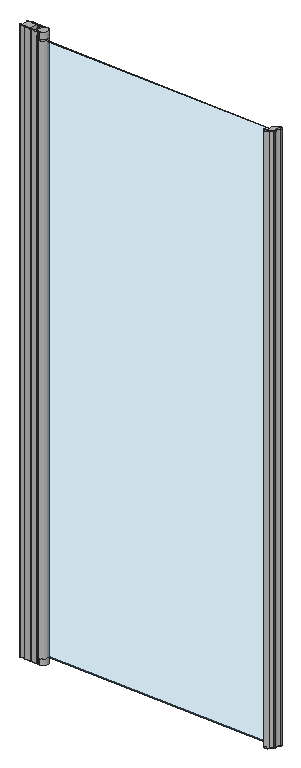
Revit family "Ifö SPNK series", category Plumbing Fixtures, Revit 2015
Parameters (values of type "Ifö Space SPNK 900")
  ifcExportType = "USERDEFINED"
  ifcExportAs = "IfcFurnitureType"
  Without Lining = not(or(Rubber Lining, Metal Lining))  # no
  Width = 883 mm
  WarrantyStartDate = "n/a"
  WarrantyGuarantorParts = "n/a"
  WarrantyGuarantorLabor = "n/a"
  WarrantyDurationUnit = "n/a"
  WarrantyDurationParts = "n/a"
  WarrantyDurationLabor = "n/a"
  WarrantyDescription = "n/a"
  URL.se = "http://www.ifo.se/produkter/duschar/"
  URL.no = "http://www.ifosanitar.no/produkter/dusjer/"
  URL.dk = "http://www.ifo.dk/produkter/bruselsninger/"
  URL = "www.ifo.dk"
  Type Comments = "n/a"
  Type = "Building element"
  TagNumber = "n/a"
  SustainabilityPerformance = "n/a"
  Size = "883x2000x0"
  Shape = "Straight"
  Serie = "Space"
  SerialNumber = "n/a"
  Rubber Material = Rubber
  Rubber Lining = no
  ReplacementCost = "n/a"
  ProfileMaterial = "Brushed aluminium"
  Profile Material = Brushed Aluminum
  PanelMaterial = "Hardened Glass, Clear"
  Panel Material = Hardened Glass, Clear
  Panel Length = 812 mm
  NominalWidth = 883 mm
  NominalHeight = "2000"
  NominalDepth = 0 mm
  Name = "Ifö Space SPNK 900"
  ModelReference = "Space"
  ModelNumber = "n/a"
  Model = "059900090 - Ifö Space SPNK 900"
  Metal Lining = yes
  Material = "n/a"
  Manufacturer = "Geberit"
  InstallationDate = "n/a"
  Height = 2000 mm
  Handle Visibility = no
  Handle Material = Chrome
  Grade = "n/a"
  Finish = "n/a"
  Features = "feature1, feature2, feature100"
  ExpectedLife = "n/a"
  DurationUnit = "n/a"
  Description = "Ifö Space SPNK 900"
  Constituents = "n/a"
  Color = "Hardened Glass, Clear"
  CodePerformance = "n/a"
  Category = "ShowerDoor"
  CE Labeling = "n/a"
  Brand = "Ifö"
  BarCode = "n/a"
  BIMObjectName = "Ifö SBNK series"
  AssetType = "n/a"
  AssetIdentifier = "n/a"
  Assembly Code = "D2010"
  AccessibilityPerformance = "n/a"
Types (3, lengths in mm): name | Width | Size | Rubber Lining | NominalWidth | Name | Model | Metal Lining | Handle Visibility | Features | Description | BIMObjectName
  Ifö Space SPNK 900 | 883 | "883x2000x0" | no | 883 | "Ifö Space SPNK 900" | "059900090 - Ifö Space SPNK 900" | yes | no | "feature1, feature2, feature100" | "Ifö Space SPNK 900" | "Ifö SBNK series"
  Ifö Space SPNK 900 knob | 883 | "883x2000x0" | yes | 883 | "Ifö Space SPNK 900 knob" | "059900190- Ifö Space SPNK 900 knopp" | no | yes | "feature1, feature2, feature98" | "Ifö Space SPNK 900 knob" | ""
  Ifö Space SPNK 900 H | 900 | "900x2000x0" | yes | 900 | "Ifö Space SPNK 900 H" | "059900190- Ifö Space SPNK 900 knopp" | no | yes | "feature1, feature2, feature99" | "Ifö Space SPNK 900 H" | ""
Reference planes
  plane 1 "Front": y = -410
  plane 2: z = 0
  plane 3 "Right": x = -490.759
  plane 4: z = 2000
  plane 5: z = 50
  plane 6 "Left": x = -1373.758
  plane 7: x = -1302.759
  plane 8 "Hadle": z = 996
  plane 9: x = -502.76
  plane 10 "Rubber": z = 5
  plane 11 "Lining": z = 10
  plane 12 "Panel": z = -60
  plane 13 "Lining Coarse": z = 15
  plane 14: x = -499.759
Forms (mm)
  Extrusion 1, solid, material "Brushed Aluminum" <- "Profile Material"
    sketch origin (0, 0, 0) x (1, 0, 0) y (0, 1, 0)
      loop
        line (-1373.758, -395.83) -> (-1373.758, -396.75) -> (-1369.76, -396.75) -> (-1369.76, -423.25) -> (-1373.758, -423.25) -> (-1373.758, -424.17) -> (-1370.468, -424.75) -> (-1337.052, -424.75) -> (-1333.762, -424.17) -> (-1333.762, -423.25) -> (-1336.06, -423.25) -> (-1336.06, -396.75) -> (-1333.762, -396.75) -> (-1333.762, -395.83) -> (-1337.052, -395.25) -> (-1370.468, -395.25) -> (-1373.758, -395.83)
    from 0 to 2000
  Extrusion 2, solid, material "Brushed Aluminum" <- "Profile Material"
    sketch origin (0, 0, 0) x (1, 0, 0) y (0, 1, 0)
      loop
        arc (-1311.26, -393.486) -> (-1334.024, -392.998) -> (-1356.759, -394.238) r 300
        line (-1356.759, -394.238) -> (-1356.759, -395.25) -> (-1323.56, -395.25) -> (-1323.56, -424.75) -> (-1356.759, -424.75) -> (-1356.759, -425.76)
        arc (-1356.759, -425.76) -> (-1334.024, -427) -> (-1311.26, -426.512) r 300
        line (-1311.26, -426.512) -> (-1311.26, -425.255)
        arc (-1311.26, -425.255) -> (-1311.778, -424.379) -> (-1312.795, -424.411) r 1
        arc (-1312.795, -424.411) -> (-1321.26, -409.999) -> (-1312.795, -395.588) r 16.5
        arc (-1312.795, -395.588) -> (-1311.778, -395.619) -> (-1311.26, -394.743) r 1
        line (-1311.26, -394.743) -> (-1311.26, -393.486)
    from 0 to 2000
  Extrusion 3, solid, material "Brushed Aluminum" <- "Profile Material"
    sketch origin (0, 0, 0) x (1, 0, 0) y (0, 1, 0)
      loop
        circle (-1304.76, -410) r 11.4
    from 1972 to 1980
  Extrusion 4, solid, material "Brushed Aluminum" <- "Profile Material"
    sketch origin (0, 0, 0) x (1, 0, 0) y (0, 1, 0)
      loop
        arc (-1289.043, -407) -> (-1320.76, -410) -> (-1289.043, -413) r 16
        line (-1289.043, -413) -> (-1302.759, -413) -> (-1302.759, -407) -> (-1289.043, -407)
    from 20 to 1972
  Extrusion 5, solid, material "Brushed Aluminum" <- "Profile Material"
    sketch origin (0, 0, 0) x (1, 0, 0) y (0, 1, 0)
      loop
        arc (-1303.453, -425.946) -> (-1288.759, -410.03) -> (-1303.39, -394.058) r 16
        arc (-1303.39, -394.058) -> (-1307.323, -393.746) -> (-1311.26, -393.486) r 300.215
        line (-1311.26, -393.486) -> (-1311.26, -394.743)
        arc (-1311.26, -394.743) -> (-1311.778, -395.619) -> (-1312.795, -395.588) r 1
        arc (-1312.795, -395.588) -> (-1321.259, -410) -> (-1312.793, -424.411) r 16.5
        arc (-1312.793, -424.411) -> (-1311.777, -424.381) -> (-1311.26, -425.257) r 1
        line (-1311.26, -425.257) -> (-1311.26, -426.514)
        arc (-1311.26, -426.514) -> (-1307.323, -426.254) -> (-1303.39, -425.942) r 300
    from 1980 to 2000
  Extrusion 6, solid, material "Brushed Aluminum" <- "Profile Material"
    sketch origin (0, 0, -1990) x (1, 0, 0) y (0, 1, 0)
      loop
        arc (-1303.453, -425.946) -> (-1288.759, -410.03) -> (-1303.39, -394.058) r 16
        arc (-1303.39, -394.058) -> (-1307.323, -393.746) -> (-1311.26, -393.486) r 300.215
        line (-1311.26, -393.486) -> (-1311.26, -394.743)
        arc (-1311.26, -394.743) -> (-1311.778, -395.619) -> (-1312.795, -395.588) r 1
        arc (-1312.795, -395.588) -> (-1321.259, -410) -> (-1312.793, -424.411) r 16.5
        arc (-1312.793, -424.411) -> (-1311.777, -424.381) -> (-1311.26, -425.257) r 1
        line (-1311.26, -425.257) -> (-1311.26, -426.514)
        arc (-1311.26, -426.514) -> (-1307.323, -426.254) -> (-1303.39, -425.942) r 300
    from 1990 to 2010
  Extrusion 7, solid, material "Hardened Glass, Clear" <- "Panel Material"
    sketch origin (0, 0, 0) x (1, 0, 0) y (0, 1, 0)
      loop
        line (-1302.759, -407) -> (-1302.759, -413) -> (-490.759, -413) -> (-490.759, -407) -> (-1302.759, -407)
    from 22 to 1970
  Extrusion 8, solid, material "Brushed Aluminum" <- "Profile Material", visible <- "Metal Lining"
    sketch origin (-9, 0, 0) x (1, 0, 0) y (0, 1, 0)
      loop
        arc (-472.448, -411.847) -> (-474.275, -401.868) -> (-469.734, -392.796) r 16
        arc (-469.734, -392.796) -> (-469.754, -390.92) -> (-471.579, -390.485) r 1.524
        arc (-471.579, -390.485) -> (-482.135, -397.008) -> (-490.759, -405.931) r 50
        line (-490.759, -405.931) -> (-490.759, -407) -> (-481.759, -407) -> (-481.759, -413) -> (-490.759, -413) -> (-490.759, -414.069)
        arc (-490.759, -414.069) -> (-491.27, -423.842) -> (-500.547, -426.957) r 8.7
        arc (-500.547, -426.957) -> (-502.434, -427.99) -> (-501.404, -429.878) r 1.522
        arc (-501.404, -429.878) -> (-492.431, -428.951) -> (-484.777, -424.175) r 20
        line (-484.777, -424.175) -> (-472.448, -411.847)
    from 21.5 to 1970.5
  Extrusion 9, solid, material "Rubber" <- "Rubber Material", visible <- "Metal Lining"
    sketch origin (-9, 0, 0) x (1, 0, 0) y (0, 1, 0)
      loop
        line (-477.397, -416.795) -> (-475.206, -418.987) -> (-471.585, -412.711) -> (-472.448, -411.847) -> (-477.397, -416.795)
    from 21.5 to 1970.5
  Extrusion 10, solid, material "Rubber" <- "Rubber Material", visible <- "Rubber Lining"
    sketch origin (0, 0.007, 0) x (1, 0, 0) y (0, 1, 0)
      loop
        line (-496.324, -414.775) -> (-491.27, -415.492)
        arc (-491.27, -415.492) -> (-490.539, -415.414) -> (-489.934, -414.999) r 1.5
        arc (-489.934, -414.999) -> (-489.314, -415.376) -> (-488.601, -415.507) r 2.001
        line (-488.601, -415.507) -> (-486.379, -415.507)
        arc (-486.379, -415.507) -> (-484.361, -415.083) -> (-482.684, -413.884) r 5.016
        line (-482.684, -413.884) -> (-477.735, -408.934)
        arc (-477.735, -408.934) -> (-476.869, -406.191) -> (-479.201, -404.507) r 2.456
        line (-479.201, -404.507) -> (-488.601, -404.507)
        arc (-488.601, -404.507) -> (-489.314, -404.638) -> (-489.934, -405.015) r 2.001
        arc (-489.934, -405.015) -> (-490.539, -404.6) -> (-491.27, -404.522) r 1.5
        line (-491.27, -404.522) -> (-502.76, -406.153) -> (-502.76, -407.007) -> (-490.759, -407.007) -> (-490.759, -413.007) -> (-502.76, -413.007) -> (-502.76, -413.861) -> (-496.324, -414.775)
    from 22 to 1970
  Revolve 11, solid, material "Chrome" <- "Handle Material", visible <- "Handle Visibility"
    sketch origin (0, 0, 996) x (-1, 0, 0) y (0, -1, 0)
      loop
        arc (540.759, 448) -> (533.688, 447.497) -> (526.759, 446) r 50
        line (526.759, 446) -> (526.759, 413) -> (540.759, 413) -> (540.759, 448)
      axis (540.759, 448) -> (540.759, 413)
    angle from 0 to 360
  Revolve 12, solid, material "Chrome" <- "Handle Material", visible <- "Handle Visibility"
    sketch origin (0, -820, 996) x (-1, 0, 0) y (0, 1, 0)
      loop
        arc (540.759, 448) -> (533.688, 447.497) -> (526.759, 446) r 50
        line (526.759, 446) -> (526.759, 413) -> (540.759, 413) -> (540.759, 448)
      axis (540.759, 448) -> (540.759, 413)
    angle from 0 to 360
  Extrusion 13, solid, material "Brushed Aluminum" <- "Profile Material", visible <- "Metal Lining"
    sketch origin (0, 0, 0) x (1, 0, 0) y (0, 1, 0)
      loop
        arc (-481.448, -411.847) -> (-483.275, -401.868) -> (-478.734, -392.796) r 16
        arc (-478.734, -392.796) -> (-478.754, -390.92) -> (-480.579, -390.485) r 1.524
        arc (-480.579, -390.485) -> (-491.135, -397.008) -> (-499.759, -405.931) r 50
        line (-499.759, -405.931) -> (-499.759, -407) -> (-499.759, -413) -> (-499.759, -414.069)
        arc (-499.759, -414.069) -> (-500.27, -423.842) -> (-509.547, -426.957) r 8.7
        arc (-509.547, -426.957) -> (-511.434, -427.99) -> (-510.404, -429.878) r 1.522
        arc (-510.404, -429.878) -> (-501.431, -428.951) -> (-493.777, -424.175) r 20
        line (-493.777, -424.175) -> (-481.448, -411.847)
    from 1970.5 to 1973
  Extrusion 14, solid, material "Brushed Aluminum" <- "Profile Material", visible <- "Metal Lining"
    sketch origin (0, 0, -1956) x (1, 0, 0) y (0, 1, 0)
      loop
        arc (-481.448, -411.847) -> (-483.275, -401.868) -> (-478.734, -392.796) r 16
        arc (-478.734, -392.796) -> (-478.754, -390.92) -> (-480.579, -390.485) r 1.524
        arc (-480.579, -390.485) -> (-491.135, -397.008) -> (-499.759, -405.931) r 50
        line (-499.759, -405.931) -> (-499.759, -407) -> (-499.759, -413) -> (-499.759, -414.069)
        arc (-499.759, -414.069) -> (-500.27, -423.842) -> (-509.547, -426.957) r 8.7
        arc (-509.547, -426.957) -> (-511.434, -427.99) -> (-510.404, -429.878) r 1.522
        arc (-510.404, -429.878) -> (-501.431, -428.951) -> (-493.777, -424.175) r 20
        line (-493.777, -424.175) -> (-481.448, -411.847)
    from 1975 to 1977.5
Lines and regions (mm)
  Masking region 1, visible <- "Metal Lining"
    outline origin (0, 0, 10) x (-1, 0, 0) y (0, -1, 0)
      loop
        arc (1303.453, 425.946) -> (1294.066, 421.901) -> (1289.043, 413) r 16
        line (1289.043, 413) -> (499.759, 413) -> (499.759, 414.069)
        arc (499.759, 414.069) -> (500.27, 423.842) -> (509.547, 426.957) r 8.7
        arc (509.547, 426.957) -> (511.434, 427.99) -> (510.404, 429.878) r 1.522
        arc (510.404, 429.878) -> (501.431, 428.951) -> (493.777, 424.175) r 20
        line (493.777, 424.175) -> (486.397, 416.795) -> (484.206, 418.987) -> (480.585, 412.711) -> (481.448, 411.847)
        arc (481.448, 411.847) -> (483.275, 401.868) -> (478.734, 392.796) r 16
        arc (478.734, 392.796) -> (478.754, 390.92) -> (480.579, 390.485) r 1.524
        arc (480.579, 390.485) -> (491.135, 397.008) -> (499.759, 405.931) r 50
        line (499.759, 405.931) -> (499.759, 407) -> (1289.042, 407)
        arc (1289.042, 407) -> (1294.042, 398.119) -> (1303.389, 394.058) r 16
        arc (1303.389, 394.058) -> (1307.323, 393.746) -> (1311.26, 393.486) r 300
        arc (1311.26, 393.486) -> (1334.024, 392.998) -> (1356.759, 394.238) r 300
        line (1356.759, 394.238) -> (1356.759, 395.25) -> (1370.468, 395.25) -> (1373.758, 395.83) -> (1373.758, 396.75) -> (1369.76, 396.75) -> (1369.76, 423.25) -> (1373.758, 423.25) -> (1373.758, 424.17) -> (1370.468, 424.75) -> (1356.759, 424.75) -> (1356.759, 425.762)
        arc (1356.759, 425.762) -> (1334.024, 427.002) -> (1311.26, 426.514) r 300
        arc (1311.26, 426.514) -> (1307.323, 426.254) -> (1303.39, 425.942) r 300
  Masking region 2, visible <- "Handle Visibility", detail levels medium+fine
    outline origin (0, 0, 0) x (1, 0, 0) y (0, 1, 0)
      loop
        line (-526.759, -407) -> (-526.759, -374)
        arc (-526.759, -374) -> (-540.759, -372) -> (-554.759, -374) r 50
        line (-554.759, -374) -> (-554.759, -407) -> (-526.759, -407)
  Masking region 3, visible <- "Handle Visibility", detail levels medium+fine
    outline origin (0, -820, 0) x (0, -1, 0) y (1, 0, 0)
      loop
        line (-407, -526.759) -> (-407, -554.759) -> (-374, -554.759)
        arc (-374, -554.759) -> (-372, -540.759) -> (-374, -526.759) r 50
        line (-374, -526.759) -> (-407, -526.759)
  Masking region 4, visible <- "Rubber Lining"
    outline origin (0, 0, 5) x (-1, 0, 0) y (0, -1, 0)
      loop
        arc (1303.453, 425.946) -> (1294.066, 421.901) -> (1289.043, 413) r 16
        line (1289.043, 413) -> (502.76, 413) -> (502.76, 413.854) -> (496.324, 414.768) -> (491.27, 415.485)
        arc (491.27, 415.485) -> (490.539, 415.407) -> (489.934, 414.992) r 1.5
        arc (489.934, 414.992) -> (489.314, 415.369) -> (488.601, 415.5) r 2.001
        line (488.601, 415.5) -> (486.379, 415.5)
        arc (486.379, 415.5) -> (484.361, 415.076) -> (482.684, 413.877) r 5.016
        line (482.684, 413.877) -> (477.735, 408.927)
        arc (477.735, 408.927) -> (476.869, 406.184) -> (479.201, 404.5) r 2.456
        line (479.201, 404.5) -> (488.601, 404.5)
        arc (488.601, 404.5) -> (489.314, 404.631) -> (489.934, 405.008) r 2.001
        arc (489.934, 405.008) -> (490.539, 404.593) -> (491.27, 404.515) r 1.5
        line (491.27, 404.515) -> (502.76, 406.146) -> (502.76, 407) -> (1289.042, 407)
        arc (1289.042, 407) -> (1294.042, 398.119) -> (1303.389, 394.058) r 16
        arc (1303.389, 394.058) -> (1307.323, 393.746) -> (1311.26, 393.486) r 300
        arc (1311.26, 393.486) -> (1334.024, 392.998) -> (1356.759, 394.238) r 300
        line (1356.759, 394.238) -> (1356.759, 395.25) -> (1370.468, 395.25) -> (1373.758, 395.83) -> (1373.758, 396.75) -> (1369.76, 396.75) -> (1369.76, 423.25) -> (1373.758, 423.25) -> (1373.758, 424.17) -> (1370.468, 424.75) -> (1356.759, 424.75) -> (1356.759, 425.762)
        arc (1356.759, 425.762) -> (1334.024, 427.002) -> (1311.26, 426.514) r 300
        arc (1311.26, 426.514) -> (1307.323, 426.254) -> (1303.39, 425.942) r 300
  Masking region 5, visible <- "Without Lining"
    outline origin (0, 0, -60) x (-1, 0, 0) y (0, -1, 0)
      loop
        arc (1303.453, 425.946) -> (1294.066, 421.901) -> (1289.043, 413) r 16
        line (1289.043, 413) -> (490.759, 413) -> (490.759, 407) -> (1289.042, 407)
        arc (1289.042, 407) -> (1294.042, 398.119) -> (1303.389, 394.058) r 16
        arc (1303.389, 394.058) -> (1307.323, 393.746) -> (1311.26, 393.486) r 300
        arc (1311.26, 393.486) -> (1334.024, 392.998) -> (1356.759, 394.238) r 300
        line (1356.759, 394.238) -> (1356.759, 395.25) -> (1370.468, 395.25) -> (1373.758, 395.83) -> (1373.758, 396.75) -> (1369.76, 396.75) -> (1369.76, 423.25) -> (1373.758, 423.25) -> (1373.758, 424.17) -> (1370.468, 424.75) -> (1356.759, 424.75) -> (1356.759, 425.762)
        arc (1356.759, 425.762) -> (1334.024, 427.002) -> (1311.26, 426.514) r 300
        arc (1311.26, 426.514) -> (1307.323, 426.254) -> (1303.39, 425.942) r 300
  symbolic lines, style "PlumbingFixtures", detail levels medium+fine
    curve 1: line (-1311.26, -393.486, 0) -> (-1311.26, -394.743, 0)
    curve 2: arc (-1311.26, -394.743, 0) -> (-1311.778, -395.619, 0) -> (-1312.795, -395.588, 0) r 1
    curve 3: arc (-1312.795, -395.588, 0) -> (-1321.259, -410, 0) -> (-1312.793, -424.411, 0) r 16.5
    curve 4: line (-1311.26, -426.514, 0) -> (-1311.26, -425.257, 0)
    curve 5: arc (-1311.26, -425.257, 0) -> (-1311.777, -424.381, 0) -> (-1312.793, -424.411, 0) r 1
    curve 9: line (-1337.052, -424.75, 0) -> (-1333.762, -424.17, 0)
    curve 10: line (-1333.762, -424.17, 0) -> (-1333.762, -423.25, 0)
    curve 11: line (-1333.762, -423.25, 0) -> (-1336.06, -423.25, 0)
    curve 12: line (-1336.06, -423.25, 0) -> (-1336.06, -396.75, 0)
    curve 13: line (-1336.06, -396.75, 0) -> (-1333.762, -396.75, 0)
    curve 14: line (-1333.762, -396.75, 0) -> (-1333.762, -395.83, 0)
    curve 15: line (-1333.762, -395.83, 0) -> (-1337.052, -395.25, 0)
    curve 16: line (-1356.759, -395.25, 0) -> (-1337.052, -395.25, 0)
    curve 17: line (-1356.759, -424.75, 0) -> (-1337.052, -424.75, 0)
    curve 18: line (-1337.052, -395.25, 0) -> (-1323.56, -395.25, 0)
    curve 19: line (-1323.56, -424.75, 0) -> (-1323.56, -395.25, 0)
    curve 20: line (-1337.052, -424.75, 0) -> (-1323.56, -424.75, 0)
  symbolic lines, visible <- "Handle Visibility", detail levels medium+fine
    curve 6: line (-554.759, -374, 0) -> (-526.759, -374, 0)
    curve 7: line (-554.759, -446, 0) -> (-526.759, -446, 0)
  symbolic lines, visible <- "Metal Lining", detail levels medium+fine
    curve 8: line (-486.397, -416.795, 0) -> (-481.448, -411.847, 0)
    curve 27: line (-490.759, -407, 10) -> (-502.76, -407, 10)
    curve 28: line (-490.759, -413, 10) -> (-490.759, -407, 10)
    curve 29: line (-502.76, -413, 10) -> (-490.759, -413, 10)
  symbolic lines, detail levels medium+fine
    curve 21: line (-1289.043, -407, 0) -> (-1302.759, -407, 0)
    curve 22: line (-1302.759, -407, 0) -> (-1302.759, -413, 0)
    curve 23: line (-1302.759, -413, 0) -> (-1289.043, -413, 0)
  symbolic lines, visible <- "Rubber Lining", detail levels medium+fine
    curve 24: line (-490.759, -407, 5) -> (-502.76, -407, 5)
    curve 25: line (-490.759, -413, 5) -> (-490.759, -407, 5)
    curve 26: line (-502.76, -413, 5) -> (-490.759, -413, 5)
  symbolic lines, visible <- "Metal Lining", detail levels coarse
    curve 30: line (-499.759, -407, 15) -> (-502.76, -407, 15)
    curve 31: line (-499.759, -413, 15) -> (-502.76, -413, 15)
Dimensions and locks
  locked: plane 6 "Left" to plane 7 at 70.998
  "Panel Length": plane 7 to plane 3 "Right"
  locked: plane 9 to plane 3 "Right" at 12
  locked: plane 14 to plane 3 "Right" at 9
  aligned and locked: level to plane 2
  aligned and locked: plane 4 to Extrusion 1
  aligned and locked: plane 4 to Extrusion 2
  aligned and locked: plane 4 to Extrusion 5
  aligned and locked: Extrusion 6 to plane 2
  aligned and locked: plane 3 "Right" to Extrusion 7 sketch curve
  aligned and locked: Extrusion 7 sketch curve to Extrusion 4
  aligned and locked: Extrusion 8 to Extrusion 9 sketch curve
  aligned and locked: Extrusion 7 to Masking region 1 sketch curve  (x2)
  aligned and locked: plane 3 "Right" to curve 25
  aligned and locked: plane 9 to curve 24
  aligned and locked: plane 9 to curve 26
  aligned and locked: plane 3 "Right" to curve 28
  aligned and locked: plane 9 to curve 27
  aligned and locked: plane 9 to curve 29
  aligned and locked: plane 14 to curve 30
  aligned and locked: plane 9 to curve 30
  aligned and locked: plane 14 to curve 31
  aligned and locked: plane 9 to curve 31
  aligned and locked: plane 14 to Masking region 1  (x2)
  aligned and locked: plane 9 to Extrusion 10  (x2)
  aligned and locked: plane 3 "Right" to Extrusion 7
Automatic sketch dimensions
  curve 23 to plane 7 = 0 mm
  curve 3 to plane 1 "Front" = 0.001 mm
  plane 7 to curve 3 = 1.999 mm
  plane 7 to curve 1 = 8.5 mm
  plane 7 to curve 4 = 8.5 mm
  curve 2 to curve 1 = 1 mm
  curve 5 to curve 4 = 1 mm
  curve 5 to curve 5 = 0.534 mm
  curve 3 to curve 2 = 0.535 mm
  curve 20 to curve 5 = 10.766 mm
  curve 11 to curve 19 = 10.202 mm
  curve 15 to plane 1 "Front" = 14.17 mm
  curve 15 to curve 18 = 10.202 mm
  curve 11 to curve 10 = 2.298 mm
  curve 20 to curve 11 = 0.992 mm
  curve 18 to curve 12 = 0.992 mm
  curve 16 to plane 6 "Left" = 16.999 mm
  curve 17 to plane 6 "Left" = 16.999 mm
  curve 21 to plane 1 "Front" = 3 mm
  curve 21 to plane 7 = 13.716 mm
  plane 1 "Front" to curve 23 = 3 mm
  curve 23 to curve 21 = 0 mm
  plane 9 to curve 6 = 52 mm
  plane 9 to curve 7 = 52 mm
  plane 9 to curve 7 = 24 mm
  plane 9 to curve 6 = 24 mm
  plane 3 "Right" to curve 8 = 4.363 mm
  plane 1 "Front" to curve 8 = 1.847 mm
  plane 1 "Front" to curve 8 = 6.795 mm
  plane 1 "Front" to curve 10 = 13.25 mm
  curve 10 to curve 10 = 0.92 mm
  plane 1 "Front" to curve 5 = 14.411 mm
  curve 19 to curve 9 = 0.58 mm
  curve 4 to curve 4 = 1.257 mm
  plane 1 "Front" to curve 7 = 36 mm
  curve 13 to curve 14 = 0.92 mm
  curve 12 to curve 18 = 1.5 mm
  curve 1 to curve 1 = 1.257 mm
  curve 6 to plane 1 "Front" = 36 mm
  Extrusion 1 sketch curve to plane 6 "Left" = 0 mm  (x2)
  Extrusion 1 sketch curve to plane 6 "Left" = 3.29 mm  (x2)
  Extrusion 1 sketch curve to Extrusion 1 sketch curve = 0.708 mm
  Extrusion 1 sketch curve to plane 1 "Front" = 14.75 mm
  Extrusion 1 sketch curve to Extrusion 1 sketch curve = 32.708 mm
  plane 1 "Front" to Extrusion 1 sketch curve = 14.75 mm
  Extrusion 1 sketch curve to Extrusion 1 sketch curve = 0 mm
  Extrusion 1 sketch curve to Extrusion 1 sketch curve = 0.992 mm
  Extrusion 1 sketch curve to Extrusion 1 sketch curve = 2.298 mm  (x2)
  Extrusion 1 sketch curve to Extrusion 1 sketch curve = 0.58 mm  (x2)
  Extrusion 1 sketch curve to Extrusion 1 sketch curve = 1.5 mm  (x3)
  Extrusion 1 sketch curve to Extrusion 1 sketch curve = 0.92 mm  (x3)
  Extrusion 2 sketch curve to plane 6 "Left" = 16.999 mm  (x2)
  plane 7 to Extrusion 2 sketch curve = 26.306 mm  (x2)
  plane 7 to Extrusion 2 sketch curve = 20.8 mm
  plane 7 to Extrusion 2 sketch curve = 10.035 mm  (x2)
  Extrusion 2 sketch curve to Extrusion 2 sketch curve = 0.535 mm  (x2)
  Extrusion 2 sketch curve to Extrusion 2 sketch curve = 1 mm  (x2)
  Extrusion 2 sketch curve to plane 1 "Front" = 0.001 mm
  plane 7 to Extrusion 2 sketch curve = 2 mm
  plane 1 "Front" to Extrusion 2 sketch curve = 14.411 mm
  plane 1 "Front" to Extrusion 2 sketch curve = 14.75 mm
  Extrusion 2 sketch curve to Extrusion 2 sketch curve = 1.01 mm
  Extrusion 2 sketch curve to Extrusion 2 sketch curve = 1.257 mm
  Extrusion 2 sketch curve to Extrusion 2 sketch curve = 266.445 mm
  Extrusion 2 sketch curve to plane 1 "Front" = 14.75 mm
  Extrusion 2 sketch curve to Extrusion 2 sketch curve = 1.012 mm
  plane 1 "Front" to Extrusion 3 sketch curve = 0 mm
  plane 7 to Extrusion 3 sketch curve = 2 mm
  plane 1 "Front" to Extrusion 4 sketch curve = 0 mm
  Extrusion 4 sketch curve to plane 7 = 0 mm
  plane 7 to Extrusion 4 sketch curve = 2 mm
  plane 1 "Front" to Extrusion 4 sketch curve = 3 mm
  Extrusion 4 sketch curve to plane 7 = 13.716 mm
  Extrusion 4 sketch curve to plane 1 "Front" = 3 mm
  Extrusion 5 sketch curve to Extrusion 5 sketch curve = 0 mm  (x3)
  plane 7 to Extrusion 5 sketch curve = 26.306 mm  (x2)
  plane 7 to Extrusion 5 sketch curve = 10.035 mm
  plane 7 to Extrusion 5 sketch curve = 10.034 mm
  Extrusion 5 sketch curve to Extrusion 5 sketch curve = 0.535 mm
  Extrusion 5 sketch curve to Extrusion 5 sketch curve = 0.534 mm
  Extrusion 5 sketch curve to Extrusion 5 sketch curve = 1 mm  (x2)
  Extrusion 5 sketch curve to plane 1 "Front" = 0.001 mm
  plane 7 to Extrusion 5 sketch curve = 1.999 mm
  plane 7 to Extrusion 5 sketch curve = 0.693 mm
  Extrusion 5 sketch curve to Extrusion 5 sketch curve = 0.062 mm
  plane 7 to Extrusion 5 sketch curve = 0.631 mm
  plane 1 "Front" to Extrusion 5 sketch curve = 14.411 mm
  Extrusion 5 sketch curve to Extrusion 5 sketch curve = 0.685 mm
  Extrusion 5 sketch curve to Extrusion 5 sketch curve = 0.004 mm
  Extrusion 5 sketch curve to Extrusion 5 sketch curve = 1.257 mm
  Extrusion 6 sketch curve to Extrusion 6 sketch curve = 0 mm  (x3)
  plane 7 to Extrusion 6 sketch curve = 26.306 mm  (x2)
  plane 7 to Extrusion 6 sketch curve = 10.035 mm
  plane 7 to Extrusion 6 sketch curve = 10.034 mm
  Extrusion 6 sketch curve to Extrusion 6 sketch curve = 0.535 mm
  Extrusion 6 sketch curve to Extrusion 6 sketch curve = 0.534 mm
  Extrusion 6 sketch curve to Extrusion 6 sketch curve = 1 mm  (x2)
  Extrusion 6 sketch curve to plane 1 "Front" = 0.001 mm
  plane 7 to Extrusion 6 sketch curve = 1.999 mm
  plane 7 to Extrusion 6 sketch curve = 0.693 mm
  Extrusion 6 sketch curve to Extrusion 6 sketch curve = 0.062 mm
  plane 7 to Extrusion 6 sketch curve = 0.631 mm
  plane 1 "Front" to Extrusion 6 sketch curve = 14.411 mm
  Extrusion 6 sketch curve to Extrusion 6 sketch curve = 0.685 mm
  Extrusion 6 sketch curve to Extrusion 6 sketch curve = 0.004 mm
  Extrusion 6 sketch curve to Extrusion 6 sketch curve = 1.257 mm
  plane 1 "Front" to Extrusion 7 sketch curve = 3 mm
  Extrusion 7 sketch curve to plane 1 "Front" = 3 mm
  Extrusion 8 sketch curve to plane 3 "Right" = 0 mm
  Extrusion 8 sketch curve to plane 3 "Right" = 3.018 mm
  Extrusion 8 sketch curve to plane 9 = 3 mm  (x2)
  plane 9 to Extrusion 8 sketch curve = 4.439 mm
  plane 1 "Front" to Extrusion 8 sketch curve = 0.033 mm
  plane 9 to Extrusion 8 sketch curve = 5.159 mm
  plane 9 to Extrusion 8 sketch curve = 6.787 mm
  Extrusion 8 sketch curve to Extrusion 8 sketch curve = 0.426 mm
  Extrusion 8 sketch curve to Extrusion 8 sketch curve = 0.431 mm
  plane 1 "Front" to Extrusion 8 sketch curve = 1.847 mm
  plane 3 "Right" to Extrusion 8 sketch curve = 9.311 mm
  plane 3 "Right" to Extrusion 8 sketch curve = 10.18 mm
  Extrusion 8 sketch curve to Extrusion 8 sketch curve = 0 mm
  Extrusion 8 sketch curve to Extrusion 8 sketch curve = 0.634 mm
  Extrusion 8 sketch curve to Extrusion 8 sketch curve = 1.211 mm
  Extrusion 8 sketch curve to plane 1 "Front" = 5.875 mm
  Extrusion 8 sketch curve to Extrusion 8 sketch curve = 11.299 mm
  plane 3 "Right" to Extrusion 8 sketch curve = 30.985 mm
  plane 1 "Front" to Extrusion 8 sketch curve = 3 mm
  Extrusion 8 sketch curve to Extrusion 8 sketch curve = 1.069 mm  (x2)
  Extrusion 8 sketch curve to Extrusion 8 sketch curve = 8.547 mm
  Extrusion 8 sketch curve to Extrusion 8 sketch curve = 11.175 mm
  plane 1 "Front" to Extrusion 8 sketch curve = 25.951 mm
  plane 3 "Right" to Extrusion 9 sketch curve = 4.363 mm
  Extrusion 9 sketch curve to Extrusion 9 sketch curve = 2.19 mm
  plane 1 "Front" to Extrusion 9 sketch curve = 1.847 mm
  plane 1 "Front" to Extrusion 9 sketch curve = 2.711 mm
  Extrusion 9 sketch curve to Extrusion 9 sketch curve = 0.864 mm
  Extrusion 9 sketch curve to Extrusion 9 sketch curve = 2.192 mm
  Extrusion 10 sketch curve to plane 9 = 0 mm  (x2)
  Extrusion 10 sketch curve to plane 3 "Right" = 0 mm
  Extrusion 10 sketch curve to plane 3 "Right" = 5.564 mm
  Extrusion 10 sketch curve to plane 3 "Right" = 0.51 mm  (x2)
  Extrusion 10 sketch curve to plane 3 "Right" = 0.3 mm  (x2)
  plane 3 "Right" to Extrusion 10 sketch curve = 0.826 mm  (x2)
  Extrusion 10 sketch curve to Extrusion 10 sketch curve = 1.332 mm  (x2)
  Extrusion 10 sketch curve to Extrusion 10 sketch curve = 2.222 mm
  plane 1 "Front" to Extrusion 10 sketch curve = 3.877 mm
  Extrusion 10 sketch curve to Extrusion 10 sketch curve = 3.695 mm
  Extrusion 10 sketch curve to plane 1 "Front" = 5.5 mm
  Extrusion 10 sketch curve to Extrusion 10 sketch curve = 7.178 mm
  Extrusion 10 sketch curve to plane 1 "Front" = 1.073 mm
  Extrusion 10 sketch curve to Extrusion 10 sketch curve = 1.466 mm
  plane 1 "Front" to Extrusion 10 sketch curve = 4 mm
  plane 1 "Front" to Extrusion 10 sketch curve = 4.768 mm
  Extrusion 10 sketch curve to Extrusion 10 sketch curve = 0.992 mm
  Extrusion 10 sketch curve to Extrusion 10 sketch curve = 0.508 mm
  plane 1 "Front" to Extrusion 10 sketch curve = 3.854 mm
  Extrusion 10 sketch curve to Extrusion 10 sketch curve = 1 mm  (x2)
  Extrusion 10 sketch curve to plane 1 "Front" = 3 mm
  Extrusion 10 sketch curve to Extrusion 10 sketch curve = 2.001 mm
  Extrusion 10 sketch curve to Extrusion 10 sketch curve = 0.854 mm
  plane 1 "Front" to Revolve 11 sketch curve = 3 mm
  plane 9 to Revolve 11 sketch curve = 24 mm
  Revolve 11 sketch curve to plane 1 "Front" = 12 mm
  Revolve 11 sketch curve to Revolve 11 sketch curve = 14 mm
  Revolve 11 sketch curve to Revolve 11 sketch curve = 0 mm  (x3)
  Revolve 11 sketch curve to Revolve 11 sketch curve = 33 mm
  plane 1 "Front" to Revolve 12 sketch curve = 3 mm
  Revolve 12 sketch curve to plane 9 = 24 mm
  Revolve 12 sketch curve to plane 1 "Front" = 12 mm
  Revolve 12 sketch curve to Revolve 12 sketch curve = 14 mm
  Revolve 12 sketch curve to Revolve 12 sketch curve = 0 mm  (x3)
  Revolve 12 sketch curve to Revolve 12 sketch curve = 33 mm
  Masking region 2 sketch curve to plane 1 "Front" = 3 mm
  plane 9 to Masking region 2 sketch curve = 52 mm
  Masking region 2 sketch curve to Masking region 2 sketch curve = 14 mm  (x2)
  plane 1 "Front" to Masking region 2 sketch curve = 12 mm
  Masking region 2 sketch curve to Masking region 2 sketch curve = 33 mm
  Masking region 3 sketch curve to plane 1 "Front" = 12 mm
  plane 1 "Front" to Masking region 3 sketch curve = 3 mm
  Masking region 3 sketch curve to Masking region 3 sketch curve = 33 mm
  Masking region 3 sketch curve to Masking region 3 sketch curve = 0 mm
  plane 9 to Masking region 3 sketch curve = 52 mm
  Masking region 3 sketch curve to Masking region 3 sketch curve = 14 mm
  plane 9 to Extrusion 13 sketch curve = 7.645 mm
  Extrusion 13 sketch curve to Extrusion 13 sketch curve = 0.431 mm
  Extrusion 13 sketch curve to Extrusion 13 sketch curve = 0.426 mm
  plane 1 "Front" to Extrusion 13 sketch curve = 0.033 mm
  plane 9 to Extrusion 13 sketch curve = 5.159 mm
  plane 9 to Extrusion 13 sketch curve = 4.439 mm
  Extrusion 13 sketch curve to plane 9 = 3 mm
  Extrusion 13 sketch curve to plane 3 "Right" = 3.018 mm
  plane 1 "Front" to Extrusion 13 sketch curve = 1.847 mm
  plane 3 "Right" to Extrusion 13 sketch curve = 9.311 mm
  plane 3 "Right" to Extrusion 13 sketch curve = 10.18 mm
  Extrusion 13 sketch curve to Extrusion 13 sketch curve = 0 mm
  Extrusion 13 sketch curve to Extrusion 13 sketch curve = 0.634 mm
  Extrusion 13 sketch curve to Extrusion 13 sketch curve = 1.211 mm
  Extrusion 13 sketch curve to plane 1 "Front" = 5.875 mm
  Extrusion 13 sketch curve to Extrusion 13 sketch curve = 11.299 mm
  plane 3 "Right" to Extrusion 13 sketch curve = 30.985 mm
  plane 1 "Front" to Extrusion 13 sketch curve = 3 mm
  Extrusion 13 sketch curve to Extrusion 13 sketch curve = 1.069 mm  (x2)
  Extrusion 13 sketch curve to Extrusion 13 sketch curve = 8.547 mm
  Extrusion 13 sketch curve to Extrusion 13 sketch curve = 10.106 mm
  plane 1 "Front" to Extrusion 13 sketch curve = 25.951 mm
  curve 24 to plane 1 "Front" = 3 mm
  plane 1 "Front" to curve 26 = 3 mm
  curve 27 to plane 1 "Front" = 3 mm
  plane 1 "Front" to curve 29 = 3 mm
  plane 9 to Extrusion 14 sketch curve = 7.645 mm
  Extrusion 14 sketch curve to Extrusion 14 sketch curve = 0.431 mm
  Extrusion 14 sketch curve to Extrusion 14 sketch curve = 0.426 mm
  plane 1 "Front" to Extrusion 14 sketch curve = 0.033 mm
  plane 9 to Extrusion 14 sketch curve = 5.159 mm
  plane 9 to Extrusion 14 sketch curve = 4.439 mm
  Extrusion 14 sketch curve to plane 9 = 3 mm
  Extrusion 14 sketch curve to plane 3 "Right" = 3.018 mm
  plane 1 "Front" to Extrusion 14 sketch curve = 1.847 mm
  plane 3 "Right" to Extrusion 14 sketch curve = 9.311 mm
  plane 3 "Right" to Extrusion 14 sketch curve = 10.18 mm
  Extrusion 14 sketch curve to Extrusion 14 sketch curve = 0 mm
  Extrusion 14 sketch curve to Extrusion 14 sketch curve = 0.634 mm
  Extrusion 14 sketch curve to Extrusion 14 sketch curve = 1.211 mm
  Extrusion 14 sketch curve to plane 1 "Front" = 5.875 mm
  Extrusion 14 sketch curve to Extrusion 14 sketch curve = 11.299 mm
  plane 3 "Right" to Extrusion 14 sketch curve = 30.985 mm
  plane 1 "Front" to Extrusion 14 sketch curve = 3 mm
  Extrusion 14 sketch curve to Extrusion 14 sketch curve = 1.069 mm  (x2)
  Extrusion 14 sketch curve to Extrusion 14 sketch curve = 8.547 mm
  Extrusion 14 sketch curve to Extrusion 14 sketch curve = 10.106 mm
  plane 1 "Front" to Extrusion 14 sketch curve = 25.951 mm
  curve 30 to plane 1 "Front" = 3 mm
  plane 1 "Front" to curve 31 = 3 mm
  curve 8 to curve 8 = 4.948 mm
  Masking region 1 sketch curve to Masking region 1 sketch curve = 0 mm  (x9)
  Masking region 1 sketch curve to plane 14 = 0 mm  (x2)
  Masking region 1 sketch curve to plane 6 "Left" = 0 mm  (x2)
  Masking region 1 sketch curve to plane 3 "Right" = 3.018 mm
  plane 3 "Right" to Masking region 1 sketch curve = 4.363 mm
  Masking region 1 sketch curve to Masking region 1 sketch curve = 2.19 mm
  plane 1 "Front" to Masking region 1 sketch curve = 1.847 mm
  Masking region 1 sketch curve to Masking region 1 sketch curve = 4.948 mm
  plane 1 "Front" to Masking region 1 sketch curve = 2.711 mm
  Masking region 1 sketch curve to Masking region 1 sketch curve = 0.864 mm
  plane 3 "Right" to Masking region 1 sketch curve = 10.18 mm
  Masking region 1 sketch curve to Masking region 1 sketch curve = 0.634 mm
  Masking region 1 sketch curve to Masking region 1 sketch curve = 1.211 mm
  Masking region 1 sketch curve to plane 1 "Front" = 5.875 mm
  Masking region 1 sketch curve to Masking region 1 sketch curve = 13.149 mm
  Masking region 1 sketch curve to Masking region 1 sketch curve = 24.432 mm
  plane 9 to Masking region 1 sketch curve = 4.439 mm
  plane 1 "Front" to Masking region 1 sketch curve = 0.033 mm
  plane 9 to Masking region 1 sketch curve = 5.159 mm
  plane 9 to Masking region 1 sketch curve = 6.787 mm
  Masking region 1 sketch curve to Masking region 1 sketch curve = 0.426 mm
  Masking region 1 sketch curve to Masking region 1 sketch curve = 0.431 mm
  Masking region 1 sketch curve to plane 7 = 13.717 mm
  plane 7 to Masking region 1 sketch curve = 0.63 mm
  plane 7 to Masking region 1 sketch curve = 0.631 mm
  Masking region 1 sketch curve to Masking region 1 sketch curve = 0.062 mm
  Masking region 1 sketch curve to plane 1 "Front" = 0.001 mm
  plane 7 to Masking region 1 sketch curve = 1.999 mm
  Masking region 1 sketch curve to Masking region 1 sketch curve = 7.87 mm
  Masking region 1 sketch curve to Masking region 1 sketch curve = 7.807 mm
  plane 7 to Masking region 1 sketch curve = 26.306 mm  (x2)
  Masking region 1 sketch curve to plane 6 "Left" = 16.999 mm  (x2)
  Masking region 1 sketch curve to plane 6 "Left" = 3.998 mm
  Masking region 1 sketch curve to Masking region 1 sketch curve = 0.708 mm  (x2)
  Masking region 1 sketch curve to Masking region 1 sketch curve = 0.926 mm
  Masking region 1 sketch curve to Masking region 1 sketch curve = 266.443 mm
  Masking region 1 sketch curve to Masking region 1 sketch curve = 1.012 mm  (x2)
  Masking region 1 sketch curve to Masking region 1 sketch curve = 0.58 mm
  Masking region 1 sketch curve to Masking region 1 sketch curve = 1.5 mm  (x2)
  Masking region 1 sketch curve to Masking region 1 sketch curve = 1.069 mm
  plane 1 "Front" to Masking region 1 sketch curve = 6.795 mm
  Masking region 1 sketch curve to Masking region 1 sketch curve = 8.547 mm
  Masking region 1 sketch curve to Masking region 1 sketch curve = 2.192 mm
  plane 1 "Front" to Masking region 1 sketch curve = 13.25 mm
  Masking region 1 sketch curve to Masking region 1 sketch curve = 0.92 mm
  Masking region 1 sketch curve to Masking region 1 sketch curve = 7.38 mm
  Masking region 4 sketch curve to Masking region 4 sketch curve = 0 mm  (x8)
  Masking region 4 sketch curve to plane 6 "Left" = 0 mm  (x2)
  Masking region 4 sketch curve to plane 7 = 13.717 mm
  plane 1 "Front" to Masking region 4 sketch curve = 3 mm
  plane 7 to Masking region 4 sketch curve = 0.63 mm
  plane 7 to Masking region 4 sketch curve = 0.631 mm
  Masking region 4 sketch curve to Masking region 4 sketch curve = 0.062 mm
  Masking region 4 sketch curve to plane 1 "Front" = 0.001 mm
  plane 7 to Masking region 4 sketch curve = 1.999 mm
  Masking region 4 sketch curve to Masking region 4 sketch curve = 7.87 mm
  Masking region 4 sketch curve to Masking region 4 sketch curve = 7.807 mm
  plane 7 to Masking region 4 sketch curve = 26.306 mm  (x2)
  Masking region 4 sketch curve to plane 6 "Left" = 16.999 mm  (x2)
  Masking region 4 sketch curve to plane 6 "Left" = 3.998 mm
  Masking region 4 sketch curve to Masking region 4 sketch curve = 0.708 mm  (x2)
  Masking region 4 sketch curve to plane 1 "Front" = 13.25 mm
  Masking region 4 sketch curve to Masking region 4 sketch curve = 0.92 mm  (x2)
  Masking region 4 sketch curve to Masking region 4 sketch curve = 1.012 mm  (x2)
  Masking region 4 sketch curve to Masking region 4 sketch curve = 266.443 mm
  plane 1 "Front" to Masking region 4 sketch curve = 13.25 mm
  Masking region 4 sketch curve to Masking region 4 sketch curve = 1.5 mm  (x2)
  Masking region 4 sketch curve to plane 9 = 0 mm  (x2)
  Masking region 4 sketch curve to Masking region 4 sketch curve = 0.854 mm  (x2)
  Masking region 4 sketch curve to plane 3 "Right" = 0.51 mm  (x2)
  plane 3 "Right" to Masking region 4 sketch curve = 0.826 mm  (x2)
  Masking region 4 sketch curve to plane 3 "Right" = 0.3 mm  (x2)
  Masking region 4 sketch curve to Masking region 4 sketch curve = 0.493 mm
  Masking region 4 sketch curve to Masking region 4 sketch curve = 1.332 mm
  Masking region 4 sketch curve to Masking region 4 sketch curve = 0.508 mm
  Masking region 4 sketch curve to Masking region 4 sketch curve = 9.4 mm
  Masking region 4 sketch curve to plane 1 "Front" = 1.073 mm
  Masking region 4 sketch curve to Masking region 4 sketch curve = 1.466 mm
  plane 1 "Front" to Masking region 4 sketch curve = 3.877 mm
  Masking region 4 sketch curve to Masking region 4 sketch curve = 4.95 mm
  plane 1 "Front" to Masking region 4 sketch curve = 0.484 mm
  plane 3 "Right" to Masking region 4 sketch curve = 4.381 mm
  plane 3 "Right" to Masking region 4 sketch curve = 2.158 mm
  Masking region 4 sketch curve to Masking region 4 sketch curve = 2.001 mm
  Masking region 4 sketch curve to Masking region 4 sketch curve = 0.992 mm
  Masking region 4 sketch curve to plane 14 = 3.436 mm
  Masking region 4 sketch curve to Masking region 4 sketch curve = 1.768 mm
  Masking region 4 sketch curve to plane 1 "Front" = 5.5 mm
  Masking region 5 sketch curve to Masking region 5 sketch curve = 0 mm  (x8)
  Masking region 5 sketch curve to plane 6 "Left" = 0 mm  (x2)
  Masking region 5 sketch curve to plane 1 "Front" = 3 mm
  Masking region 5 sketch curve to plane 7 = 13.717 mm
  plane 1 "Front" to Masking region 5 sketch curve = 3 mm
  plane 7 to Masking region 5 sketch curve = 0.63 mm
  plane 7 to Masking region 5 sketch curve = 0.631 mm
  Masking region 5 sketch curve to Masking region 5 sketch curve = 0.062 mm
  Masking region 5 sketch curve to plane 1 "Front" = 0.001 mm
  plane 7 to Masking region 5 sketch curve = 1.999 mm
  Masking region 5 sketch curve to Masking region 5 sketch curve = 7.87 mm
  Masking region 5 sketch curve to Masking region 5 sketch curve = 7.807 mm
  plane 7 to Masking region 5 sketch curve = 26.306 mm  (x2)
  Masking region 5 sketch curve to plane 6 "Left" = 16.999 mm
  Masking region 5 sketch curve to plane 1 "Front" = 15.762 mm
  Masking region 5 sketch curve to plane 6 "Left" = 3.998 mm
  Masking region 5 sketch curve to Masking region 5 sketch curve = 0.708 mm  (x2)
  Masking region 5 sketch curve to Masking region 5 sketch curve = 266.443 mm
  Masking region 5 sketch curve to Masking region 5 sketch curve = 1.012 mm  (x2)
  Masking region 5 sketch curve to Masking region 5 sketch curve = 0.58 mm
  Masking region 5 sketch curve to Masking region 5 sketch curve = 1.5 mm  (x2)
  plane 1 "Front" to Masking region 5 sketch curve = 13.25 mm
  Masking region 5 sketch curve to Masking region 5 sketch curve = 0.92 mm
  Masking region 5 sketch curve to plane 3 "Right" = 0 mm
  radius of Extrusion 3 sketch curve = 11.4 mm
